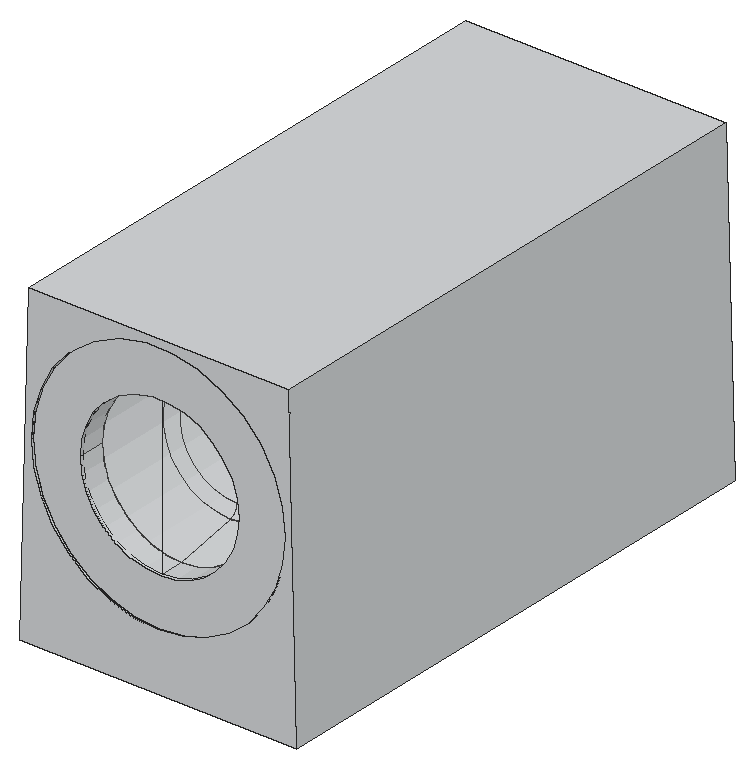
Revit family "Lighting_Outside_Nordlux_Canto-2_2-Maxi-Kubi", category Lighting Fixtures, host Face, Revit 2017
Family settings
  Host = Face
  Round Connector Dimension = Use Diameter
  Part Type = Normal
  OmniClass Number = 23.80.70.00
  OmniClass Title = Lighting
  Cut with Voids When Loaded = No
  Light Source = Yes
  Shared = No
  Room Calculation Point = No
Parameters (values of type "Canto Maxi Kubi 2 - grey")
  Wattage = 3.36605 W
  WarrantyStartDate [instance] = "n/a"
  WarrantyGuarantorParts = "n/a"
  WarrantyGuarantorLabor = "n/a"
  WarrantyDurationUnit = "Hours"
  WarrantyDurationParts = "n/a"
  WarrantyDurationLabor = "n/a"
  WarrantyDescription = "n/a"
  built-in parameter 1150110 = 1 (stored number, unit not read)
  VersionDate = "30/08/2019"  # constant formula
  Version = "1"  # constant formula
  UsageCurrent = 0 A
  Uniclass2015Reference = "Pr_70_70_48_85"
  Uniclass2015Description = "Surface luminaires"
  Uniclass2 = "Pr_70_70_48_85"
  URL = "https://www.nordlux.com/products/product/49731010"
  Type Comments = ""
  TotalWattage = 56 W
  built-in parameter 1114217 = 1 (stored number, unit not read)
  Tilt Angle = 90.00°
  built-in parameter 1150109 = 1 (stored number, unit not read)
  built-in parameter 1150134 = (empty or 0)
  TagNumber [instance] = "n/a"
  SustainabilityPerformance = "n/a"
  built-in parameter 1150113 = 1 (stored number, unit not read)
  Socket = "GU10"
  Size = "85x100x170 mm"
  Shape = "Sculptured"
  SerialNumber [instance] = "n/a"
  Revision = "n/a"
  ReplacementCost = "n/a"
  ProductInformation = "Canto Kubi Maxi provides a unique lighting experience, where light flows both up and down. The cubic design exudes Scandinavian minimalism and makes the lamp both decorative and sculptural. Canto Kubi Maxi can be connected in parallel to multiple lamps, making the lamp extremely functional."
  Product data url = "https://www.bimobject.com/nordlux/product/canto_maxi_kubi_2_wall"
  Photometric Web File = "7757 Canto Væg Hvid No mask.ies"
  PhaseReference = "n/a"
  PhaseAngle = 0.00°
  NumberOfSources = 0
  NumberOfPoles = 1
  built-in parameter 1150142 = "IESNA:LM-63-2002\r\n[TEST] Viso LabSpion - serial: 3247052577 sensor serial: 0408532695\r\n[TESTLAB] Viso LabSpion - serial: 3247052577 sensor serial: 0408532695 - Test lab\r\n[MANUFAC] Nordlux\r\n[ISSUEDATE] 04-06-2019\r\n[LUMINAIRE] 7757 Canto Væg Hvid No mask\r\n[LUMCAT] B2019137A\r\n[_SERIALNUMBER] VFR-190604-0342-MS\r\nTILT=NONE\r\n1 507 1 49 1 1 2 -0.05 -0.05 0.105\r\n1.0 1.0 9.28\r\n0 3.75 7.5 11.25 15 18.75 22.5 26.25 30 33.75 37.5 41.25 45 48.75 52.5 56.25 60 63.75 67.5 71.25 75 78.75 82.5 86.25 90 93.75 97.5 101.25 105 108.75 112.5 116.25 120 123.75 127.5 131.25 135 138.75 142.5 146.25 150 153.75 157.5 161.25\r\n 165 168.75 172.5 176.25 180\r\n0 \r\n137.5617 138.3003 139.3907 140.1546 140.0881 138.9877 139.8895 140.8041 140.1714 136.2723 117.5227 68.3958 33.6652 25.4271 19.3237 14.0922 10.4129 7.721 5.7489 4.3082 3.0718 1.8315 0.8048 0.4256 0.3665 0.41 0.8153 1.8892 3.1271 4.3138\r\n 5.7528 7.7601 10.4936 14.2345 19.4691 25.452 33.4808 66.2417 119.3705 136.4231 140.4421 141.0138 139.9872 139.2221 139.8901 139.9871 139.3014 138.4043 137.5617\r\n"
  NominalWidth = 87.1 mm
  NominalVoltageCalc = 0 V
  NominalVoltage = 230 V
  NominalLength = 172 mm
  NominalHeight = 100 mm
  NominalFrequencyRange = 50 Hz
  NominalCurrent = 0 A
  Name = "Nordlux_Canto-2_2-Maxi-Kubi"
  NBSReference = "90-60-50/405"
  NBSDescription = "General purpose luminaires"
  ModelReference = ArticleNumber  # "49731010"
  ModelNumber = "n/a"
  Model = "Canto Maxi Kubi 2 - grey"
  Material = "Aluminium"
  ManufacturersSpecificInformation = "n/a"
  ManufacturerURL = "https://www.nordlux.com/"
  ManufacturerName = "Nordlux"
  Manufacturer = "Nordlux"
  MaintenanceFactor = 0
  built-in parameter 1150105 = 39.789 (stored number, unit not read)
  Lumens = 500 lm
  built-in parameter 1150115 = 1 (stored number, unit not read)
  LightSource = "Not included"
  LightFixturePlacingType = "Wall"
  LightFixtureMountingType = "Surface"
  LightFixtureMainMaterial = Aluminum
  built-in parameter 1150137 = (empty or 0)
  built-in parameter 1150139 = (empty or 0)
  LensMaterial = Glass
  built-in parameter 1150112 = 1 (stored number, unit not read)
  built-in parameter 1150114 = 1 (stored number, unit not read)
  InsulationStandardClass = "Class 1 (Earth contact)"
  InstallationDate [instance] = "n/a"
  built-in parameter 1150132 = 2
  built-in parameter 1150102 = (empty or 0)
  built-in parameter 1150107 = 2700 (stored number, unit not read)
  built-in parameter 1150138 = (empty or 0)
  built-in parameter 1150106 = 0.39789 (stored number, unit not read)
  IfcExportType = "NOTDEFINED"  # constant formula
  IfcExportAs = "IfcLightFixtureType"  # constant formula
  IP_Code = "IP44"
  HasProtectiveEarth = no
  Grade = "n/a"
  Finish = "n/a"
  Features = "Parallel connection possible"
  ExpectedLife = "n/a"
  EnergyClass = "D - A++"
  Emit from Circle Diameter = 50 mm
  Emit Shape Visible in Rendering = no
  ElectricalDeviceNominalPower = 0
  built-in parameter 1150104 = 13.8 (stored number, unit not read)
  EANNumber = "5701581476189"
  DurationUnit = "Hours"
  Dimming Lamp Color Temperature Shift = <None>
  Designer = "Bonnelycke MDD"
  Description = "Canto Kubi Maxi provides a unique lighting experience, where light flows both up and down. The cubic design exudes Scandinavian minimalism and makes the lamp both decorative and sculptural. Canto Kubi Maxi can be connected in parallel to multiple lamps, making the lamp extremely functional."
  Default Elevation = 0 mm
  ConvergoRefNr = "0143-1909-0048-DK"
  Constituents = "n/a"
  Color Filter = 16777215
  Color = "Grey"
  CodePerformance = "n/a"
  Category = "Outdoor lighting"
  Brand = "n/a"
  Barcode [instance] = "n/a"
  built-in parameter 1114218 = 1 (stored number, unit not read)
  BIMObjectName = "Lighting_Outside_Nordlux_Canto-2_2-Maxi-Kubi"
  Author = "Convergo AB"  # constant formula
  built-in parameter 1150133 = 10 (stored number, unit not read)
  AssetType = "Fixed"
  AssetIdentifier [instance] = "n/a"
  ArticleNumber = "49731010"
  AccessibilityPerformance = "n/a"
Types (5, lengths in mm): name | URL | ModelReference | Model | Material | LightFixtureMainMaterial | Finish | EANNumber | Color | ArticleNumber
  (no name) | "https://www.nordlux.com/products/product/49731010" | "49731010" | "Canto Maxi Kubi 2 - grey" | "Aluminium" | Aluminum | "n/a" | "5701581476189" | "Grey" | "49731010"
  Canto Maxi Kubi 2 - black | "https://www.nordlux.com/products/product/49731003" | "49731003" | "Canto Maxi Kubi 2 - black" | "Aluminium" | Black | "n/a" | "5701581484085" | "Black" | "49731003"
  Canto Maxi Kubi 2 - white | "https://www.nordlux.com/products/product/49731001" | "49731001" | "Canto Maxi Kubi 2 - white" | "Aluminium" | White | "n/a" | "5701581476080" | "White" | "49731001"
  Canto Maxi Kubi 2 - grey | "https://www.nordlux.com/products/product/49731010" | "49731010" | "Canto Maxi Kubi 2 - grey" | "Aluminium" | Aluminum | "n/a" | "5701581476189" | "Grey" | "49731010"
  Canto Maxi Kubi 2 - galvanized steel | "https://www.nordlux.com/products/product/49731031" | "49731031" | "Canto Maxi Kubi 2 - galvanized steel" | "Steel" | Steel, Galvanized | "Galvanized steel" | "5701581485785" | "Grey" | "49731031"
Reference planes
  plane 1 "Center (Front/Back)": y = 0
  plane 2: z = 0
  plane 3 "Center (Left/Right)": x = 0
  plane 4: y = 86
  plane 5: y = -86
  plane 6: z = 100
  plane 7: x = 43.55
  plane 8: x = -43.55
Dimensions and locks
  equal spacing: plane 8, plane 3 "Center (Left/Right)", plane 7
  equal spacing: plane 4, plane 1 "Center (Front/Back)", plane 5
  "NominalLength": plane 4 to plane 5
  "NominalWidth": plane 8 to plane 7
  "NominalHeight": plane 6 to level
  aligned and locked: plane 2 to host face
  aligned and locked: level to host face
Automatic sketch dimensions
  host sketch curve to host sketch curve = 2438.4 mm  (x2)
Nested families
  nested 1: "Canto 2 kubi maxi" at (0, 0, 0), Main <- "LightFixtureMainMaterial", type "Canto 2 kubi maxi"
    with Main Aluminum
Connectors
  electrical at (0, 0, 0.001), driven by "NominalVoltage"
    settings: on nested 1, index 1, voltage 230 V, apparent load 0 VA, apparent load phase1 0 VA, apparent load phase2 0 VA, apparent load phase3 0 VA, power factor 1, load classification "Other", number of poles 1, system type 31, power factor state 1, is connector primary yes, connector utility no, sub classification motor no, connector description ""
Definition of nested family "Canto 2 kubi maxi"
  Parameters (values of type "Canto 2 kubi maxi")
    Main [instance] = none
    Default Elevation = 1219.2 mm
  Reference planes
    plane 1 "Center (Front/Back)": y = 0
    plane 2: z = 0
    plane 3 "Center (Left/Right)": x = 0
    plane 4: x = -43.519
    plane 5: x = 43.519
    plane 6: z = 100
    plane 7: y = 86
    plane 8: y = -86
  Forms (mm)
    Extrusion 1, solid
      sketch origin (0, 0, 0) x (1, 0, 0) y (0, 1, 0)
        loop
          line (-1219.2, 1219.2) -> (-1219.2, -1219.2) -> (1219.2, -1219.2) -> (1219.2, 1219.2) -> (-1219.2, 1219.2)
      from 0 to -304.8
    Extrusion 2, solid, material <- "Main", detail levels medium+fine
      sketch origin (0, 0, 0) x (1, 0, 0) y (0, 0, 1)
        loop
          line (-40.94, 100) -> (-43.558, 0.001) -> (43.558, 0.001) -> (40.94, 100) -> (-40.94, 100)
        loop
          circle (0, 58.024) r 39.948
      from -86 to 86
    Extrusion 3, solid, material <- "Main", detail levels medium+fine
      sketch origin (0, -33, 0) x (1, 0, 0) y (0, 0, 1)
        loop
          circle (0, 58.024) r 39.948
        loop
          circle (0, 58.024) r 25
      from 43.999 to 52.5
    Extrusion 4, solid, material <- "Main", detail levels medium+fine
      sketch origin (0, 33, 0) x (1, 0, 0) y (0, 0, -1)
        loop
          circle (0, -58.024) r 39.948
        loop
          circle (0, -58.024) r 25
      from 43.999 to 52.5
    Revolve 5, solid, detail levels medium+fine
      sketch origin (0, -33, 0) x (0, 1, 0) y (0, 0, 1)
        loop
          arc (-22, 76.039) -> (-22.751, 78.129) -> (-24.659, 79.265) r 3.286
          line (-24.659, 79.265) -> (-43.999, 83.024) -> (-51.522, 83.024) -> (-51.522, 58.024) -> (-22, 58.024) -> (-22, 76.039)
        axis (-51.522, 58.024) -> (-22, 58.024)
      angle from 0 to 360
    Revolve 6, solid, detail levels medium+fine
      sketch origin (0, 33, 0) x (0, -1, 0) y (0, 0, 1)
        loop
          arc (-22, 76.039) -> (-22.751, 78.129) -> (-24.659, 79.265) r 3.286
          line (-24.659, 79.265) -> (-43.999, 83.024) -> (-51.522, 83.024) -> (-51.522, 58.024) -> (-22, 58.024) -> (-22, 76.039)
        axis (-51.522, 58.024) -> (-22, 58.024)
      angle from 0 to 360
    Extrusion 7, solid, material <- "Main", detail levels coarse
      sketch origin (0, 0, 0) x (1, 0, 0) y (0, 1, 0)
        loop
          line (-43.519, 86) -> (-43.519, -86) -> (43.519, -86) -> (43.519, 86) -> (-43.519, 86)
      from 0 to 100
  Lines and regions (mm)
    symbolic lines, detail levels medium+fine
      curve 1: line (-43.519, 86, 0) -> (43.519, 86, 0)
      curve 2: line (-43.519, -86, 0) -> (-43.519, 86, 0)
      curve 3: line (43.519, -86, 0) -> (-43.519, -86, 0)
      curve 4: line (43.519, 86, 0) -> (43.519, -86, 0)
      curve 5: line (0, 86, 100) -> (0, -86, 100)
      curve 6: line (0, 86, 0) -> (0, 86, 100)
      curve 7: line (0, -86, 0) -> (0, 86, 0)
      curve 8: line (0, -86, 100) -> (0, -86, 0)
      curve 9: line (-40.94, 0, 100) -> (-43.558, 0, 0.001)
      curve 10: line (43.558, 0, 0.001) -> (40.94, 0, 100)
      curve 15: line (-40.94, 0, 100) -> (40.94, 0, 100)
    symbolic lines, detail levels fine
      curve 11: circle (0, 0, 58.024) r 25 normal (0, -1, 0)
      curve 12: circle (0, 0, 58.024) r 39.948 normal (0, -1, 0)
      curve 13: line (-40.9, -86, 0) -> (-40.9, 86, 0)
      curve 14: line (40.9, 86, 0) -> (40.9, -86, 0)
  Dimensions and locks
    aligned and locked: plane 2 to Extrusion 1
    aligned and locked: level to Extrusion 1
